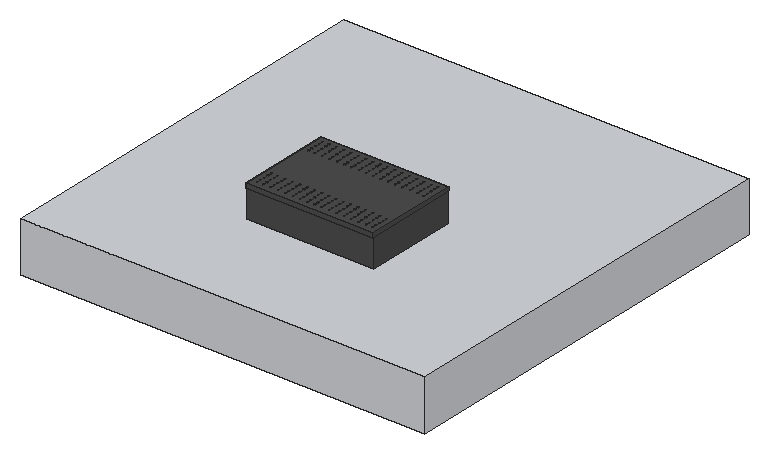
Revit family "BB-100.BIM", category Fire Alarm Devices, host Face, Revit 2020
Family settings
  Host = Face
  Maintain Annotation Orientation = Yes
  Round Connector Dimension = Use Diameter
  Part Type = Normal
  OmniClass Number = 23.85.30.21.11
  OmniClass Title = Fire Detection, Monitoring and Alarm
  Cut with Voids When Loaded = No
  Shared = Yes
  Room Calculation Point = No
Parameters (values of type "BB Series 100 Black")
  Width = 1' - 10 1/2"
  URL = "www.notifier.com"
  Type Comments = ""
  SPARE = ""
  Model = "BB-100"
  Manufacturer = "Notifier"
  Length = 2' - 6.34"
  Height = 0' - 0"
  Haz = ""
  Electrical Connector 1 = "Power Only"  # constant formula
  Cabinet Finish = Metal_Notifier_Cabinet-Black
  Description = "Battery Box-Black"
  Default Elevation = 5' - 6"
  Assembly Code = "D5030700"
Reference planes (in)
  plane 1 "Center (Front/Back)": y = 0
  plane 2: z = 0
  plane 3 "Center (Left/Right)": x = 0
Forms (in)
  Extrusion 1, solid
    sketch origin (0, 0, 0) x (1, 0, 0) y (0, 1, 0)
      loop
        line (-48, 48) -> (-48, -48) -> (48, -48) -> (48, 48) -> (-48, 48)
    from 0 to -12
  Extrusion 2, solid, material "Metal_Notifier_Cabinet-Black" <- "Cabinet Finish"
    sketch origin (-3.37933, -29.2847, 0) x (1, 0, 0) y (0, 1, 0)
      loop
        line (-11.62067, 29.2847) -> (-11.62067, 7.2847) -> (18.37933, 7.2847) -> (18.37933, 29.2847) -> (-11.62067, 29.2847)
      loop
        line (18.31683, 7.3472) -> (18.31683, 29.2222) -> (-11.55817, 29.2222) -> (-11.55817, 7.3472) -> (18.31683, 7.3472)
    from 0 to 7.50791
  Extrusion 3, solid, material "Metal_Notifier_Cabinet-Black" <- "Cabinet Finish"
    sketch origin (-3.37933, -29.2847, 0) x (1, 0, 0) y (0, 1, 0)
      loop
        line (-11.62067, 29.2847) -> (-11.62067, 7.2847) -> (18.37933, 7.2847) -> (18.37933, 29.2847) -> (-11.62067, 29.2847)
    from 0 to 0.0625
  Extrusion 4, solid, material "Metal_Notifier_Cabinet-Black" <- "Cabinet Finish"
    sketch origin (-3.37933, -29.2847, 0) x (1, 0, 0) y (0, 1, 0)
      loop
        line (-11.79067, 29.5347) -> (-11.79067, 7.0347) -> (18.54933, 7.0347) -> (18.54933, 29.5347) -> (-11.79067, 29.5347)
      loop
        line (18.48683, 7.0972) -> (18.48683, 29.4722) -> (-11.72817, 29.4722) -> (-11.72817, 7.0972) -> (18.48683, 7.0972)
    from 6.78107 to 7.77256
  Extrusion 5, solid, material "Metal_Notifier_Cabinet-Black" <- "Cabinet Finish"
    sketch origin (-3.37933, -29.2847, 0) x (1, 0, 0) y (0, 1, 0)
      loop
        line (-11.79067, 29.5347) -> (-11.79067, 7.0347) -> (18.54933, 7.0347) -> (18.54933, 29.5347) -> (-11.79067, 29.5347)
    from 7.71118 to 7.77256
  Extrusion 6, void
    sketch origin (-3.37933, -29.2847, 0) x (1, 0, 0) y (0, 1, 0)
      loop
        circle (-10.29324, 28.03921) r 0.14509
    from 7 to 8
  Extrusion 7, void
    sketch origin (-3.37933, -33.37521, 0) x (1, 0, 0) y (0, 1, 0)
      loop
        circle (-10.29324, 28.03921) r 0.14509
    from 7 to 8
  Extrusion 8, void
    sketch origin (-3.37933, -31.33322, 0) x (1, 0, 0) y (0, 1, 0)
      loop
        circle (-10.29324, 28.03921) r 0.14509
    from 7 to 8
  Extrusion 9, void
    sketch origin (-3.37933, -30.25505, 0) x (1, 0, 0) y (0, 1, 0)
      loop
        circle (-10.29324, 28.03921) r 0.14509
    from 7 to 8
  Extrusion 10, void
    sketch origin (-3.37933, -32.46278, 0) x (1, 0, 0) y (0, 1, 0)
      loop
        circle (-10.29324, 28.03921) r 0.14509
    from 7 to 8
  Extrusion 11, void
    sketch origin (24.00164, -29.2847, 0) x (1, 0, 0) y (0, 1, 0)
      loop
        circle (-10.29324, 28.03921) r 0.14509
    from 7 to 8
  Extrusion 12, void
    sketch origin (24.00164, -33.37521, 0) x (1, 0, 0) y (0, 1, 0)
      loop
        circle (-10.29324, 28.03921) r 0.14509
    from 7 to 8
  Extrusion 13, void
    sketch origin (24.00164, -31.33322, 0) x (1, 0, 0) y (0, 1, 0)
      loop
        circle (-10.29324, 28.03921) r 0.14509
    from 7 to 8
  Extrusion 14, void
    sketch origin (24.00164, -30.25505, 0) x (1, 0, 0) y (0, 1, 0)
      loop
        circle (-10.29324, 28.03921) r 0.14509
    from 7 to 8
  Extrusion 15, void
    sketch origin (24.00164, -32.46278, 0) x (1, 0, 0) y (0, 1, 0)
      loop
        circle (-10.29324, 28.03921) r 0.14509
    from 7 to 8
  Extrusion 16, void
    sketch origin (10.27706, -29.2847, 0) x (1, 0, 0) y (0, 1, 0)
      loop
        circle (-10.29324, 28.03921) r 0.14509
    from 7 to 8
  Extrusion 17, void
    sketch origin (10.27706, -33.37521, 0) x (1, 0, 0) y (0, 1, 0)
      loop
        circle (-10.29324, 28.03921) r 0.14509
    from 7 to 8
  Extrusion 18, void
    sketch origin (10.27706, -31.33322, 0) x (1, 0, 0) y (0, 1, 0)
      loop
        circle (-10.29324, 28.03921) r 0.14509
    from 7 to 8
  Extrusion 19, void
    sketch origin (10.27706, -30.25505, 0) x (1, 0, 0) y (0, 1, 0)
      loop
        circle (-10.29324, 28.03921) r 0.14509
    from 7 to 8
  Extrusion 20, void
    sketch origin (10.27706, -32.46278, 0) x (1, 0, 0) y (0, 1, 0)
      loop
        circle (-10.29324, 28.03921) r 0.14509
    from 7 to 8
  Extrusion 21, void
    sketch origin (3.37067, -29.2847, 0) x (1, 0, 0) y (0, 1, 0)
      loop
        circle (-10.29324, 28.03921) r 0.14509
    from 7 to 8
  Extrusion 22, void
    sketch origin (3.37067, -33.37521, 0) x (1, 0, 0) y (0, 1, 0)
      loop
        circle (-10.29324, 28.03921) r 0.14509
    from 7 to 8
  Extrusion 23, void
    sketch origin (3.37067, -31.33322, 0) x (1, 0, 0) y (0, 1, 0)
      loop
        circle (-10.29324, 28.03921) r 0.14509
    from 7 to 8
  Extrusion 24, void
    sketch origin (3.37067, -30.25505, 0) x (1, 0, 0) y (0, 1, 0)
      loop
        circle (-10.29324, 28.03921) r 0.14509
    from 7 to 8
  Extrusion 25, void
    sketch origin (3.37067, -32.46278, 0) x (1, 0, 0) y (0, 1, 0)
      loop
        circle (-10.29324, 28.03921) r 0.14509
    from 7 to 8
  Extrusion 26, void
    sketch origin (6.87067, -29.2847, 0) x (1, 0, 0) y (0, 1, 0)
      loop
        circle (-10.29324, 28.03921) r 0.14509
    from 7 to 8
  Extrusion 27, void
    sketch origin (6.87067, -33.37521, 0) x (1, 0, 0) y (0, 1, 0)
      loop
        circle (-10.29324, 28.03921) r 0.14509
    from 7 to 8
  Extrusion 28, void
    sketch origin (6.87067, -31.33322, 0) x (1, 0, 0) y (0, 1, 0)
      loop
        circle (-10.29324, 28.03921) r 0.14509
    from 7 to 8
  Extrusion 29, void
    sketch origin (6.87067, -30.25505, 0) x (1, 0, 0) y (0, 1, 0)
      loop
        circle (-10.29324, 28.03921) r 0.14509
    from 7 to 8
  Extrusion 30, void
    sketch origin (6.87067, -32.46278, 0) x (1, 0, 0) y (0, 1, 0)
      loop
        circle (-10.29324, 28.03921) r 0.14509
    from 7 to 8
  Extrusion 31, void
    sketch origin (-0.12933, -29.2847, 0) x (1, 0, 0) y (0, 1, 0)
      loop
        circle (-10.29324, 28.03921) r 0.14509
    from 7 to 8
  Extrusion 32, void
    sketch origin (-0.12933, -33.37521, 0) x (1, 0, 0) y (0, 1, 0)
      loop
        circle (-10.29324, 28.03921) r 0.14509
    from 7 to 8
  Extrusion 33, void
    sketch origin (-0.12933, -31.33322, 0) x (1, 0, 0) y (0, 1, 0)
      loop
        circle (-10.29324, 28.03921) r 0.14509
    from 7 to 8
  Extrusion 34, void
    sketch origin (-0.12933, -30.25505, 0) x (1, 0, 0) y (0, 1, 0)
      loop
        circle (-10.29324, 28.03921) r 0.14509
    from 7 to 8
  Extrusion 35, void
    sketch origin (-0.12933, -32.46278, 0) x (1, 0, 0) y (0, 1, 0)
      loop
        circle (-10.29324, 28.03921) r 0.14509
    from 7 to 8
  Extrusion 36, void
    sketch origin (8.62067, -29.2847, 0) x (1, 0, 0) y (0, 1, 0)
      loop
        circle (-10.29324, 28.03921) r 0.14509
    from 7 to 8
  Extrusion 37, void
    sketch origin (8.62067, -33.37521, 0) x (1, 0, 0) y (0, 1, 0)
      loop
        circle (-10.29324, 28.03921) r 0.14509
    from 7 to 8
  Extrusion 38, void
    sketch origin (8.62067, -31.33322, 0) x (1, 0, 0) y (0, 1, 0)
      loop
        circle (-10.29324, 28.03921) r 0.14509
    from 7 to 8
  Extrusion 39, void
    sketch origin (8.62067, -30.25505, 0) x (1, 0, 0) y (0, 1, 0)
      loop
        circle (-10.29324, 28.03921) r 0.14509
    from 7 to 8
  Extrusion 40, void
    sketch origin (8.62067, -32.46278, 0) x (1, 0, 0) y (0, 1, 0)
      loop
        circle (-10.29324, 28.03921) r 0.14509
    from 7 to 8
  Extrusion 41, void
    sketch origin (5.12067, -29.2847, 0) x (1, 0, 0) y (0, 1, 0)
      loop
        circle (-10.29324, 28.03921) r 0.14509
    from 7 to 8
  Extrusion 42, void
    sketch origin (5.12067, -33.37521, 0) x (1, 0, 0) y (0, 1, 0)
      loop
        circle (-10.29324, 28.03921) r 0.14509
    from 7 to 8
  Extrusion 43, void
    sketch origin (5.12067, -31.33322, 0) x (1, 0, 0) y (0, 1, 0)
      loop
        circle (-10.29324, 28.03921) r 0.14509
    from 7 to 8
  Extrusion 44, void
    sketch origin (5.12067, -30.25505, 0) x (1, 0, 0) y (0, 1, 0)
      loop
        circle (-10.29324, 28.03921) r 0.14509
    from 7 to 8
  Extrusion 45, void
    sketch origin (5.12067, -32.46278, 0) x (1, 0, 0) y (0, 1, 0)
      loop
        circle (-10.29324, 28.03921) r 0.14509
    from 7 to 8
  Extrusion 46, void
    sketch origin (1.62067, -29.2847, 0) x (1, 0, 0) y (0, 1, 0)
      loop
        circle (-10.29324, 28.03921) r 0.14509
    from 7 to 8
  Extrusion 47, void
    sketch origin (1.62067, -33.37521, 0) x (1, 0, 0) y (0, 1, 0)
      loop
        circle (-10.29324, 28.03921) r 0.14509
    from 7 to 8
  Extrusion 48, void
    sketch origin (1.62067, -31.33322, 0) x (1, 0, 0) y (0, 1, 0)
      loop
        circle (-10.29324, 28.03921) r 0.14509
    from 7 to 8
  Extrusion 49, void
    sketch origin (1.62067, -30.25505, 0) x (1, 0, 0) y (0, 1, 0)
      loop
        circle (-10.29324, 28.03921) r 0.14509
    from 7 to 8
  Extrusion 50, void
    sketch origin (1.62067, -32.46278, 0) x (1, 0, 0) y (0, 1, 0)
      loop
        circle (-10.29324, 28.03921) r 0.14509
    from 7 to 8
  Extrusion 51, void
    sketch origin (-1.87933, -29.2847, 0) x (1, 0, 0) y (0, 1, 0)
      loop
        circle (-10.29324, 28.03921) r 0.14509
    from 7 to 8
  Extrusion 52, void
    sketch origin (-1.87933, -33.37521, 0) x (1, 0, 0) y (0, 1, 0)
      loop
        circle (-10.29324, 28.03921) r 0.14509
    from 7 to 8
  Extrusion 53, void
    sketch origin (-1.87933, -31.33322, 0) x (1, 0, 0) y (0, 1, 0)
      loop
        circle (-10.29324, 28.03921) r 0.14509
    from 7 to 8
  Extrusion 54, void
    sketch origin (-1.87933, -30.25505, 0) x (1, 0, 0) y (0, 1, 0)
      loop
        circle (-10.29324, 28.03921) r 0.14509
    from 7 to 8
  Extrusion 55, void
    sketch origin (-1.87933, -32.46278, 0) x (1, 0, 0) y (0, 1, 0)
      loop
        circle (-10.29324, 28.03921) r 0.14509
    from 7 to 8
  Extrusion 56, void
    sketch origin (-3.37067, -29.2847, 0) x (-1, 0, 0) y (0, -1, 0)
      loop
        circle (-10.29324, -28.03921) r 0.14509
    from 7 to 8
  Extrusion 57, void
    sketch origin (-3.37067, -33.37521, 0) x (-1, 0, 0) y (0, -1, 0)
      loop
        circle (-10.29324, -28.03921) r 0.14509
    from 7 to 8
  Extrusion 58, void
    sketch origin (-3.37067, -31.33322, 0) x (-1, 0, 0) y (0, -1, 0)
      loop
        circle (-10.29324, -28.03921) r 0.14509
    from 7 to 8
  Extrusion 59, void
    sketch origin (-3.37067, -30.25505, 0) x (-1, 0, 0) y (0, -1, 0)
      loop
        circle (-10.29324, -28.03921) r 0.14509
    from 7 to 8
  Extrusion 60, void
    sketch origin (-3.37067, -32.46278, 0) x (-1, 0, 0) y (0, -1, 0)
      loop
        circle (-10.29324, -28.03921) r 0.14509
    from 7 to 8
  Extrusion 61, void
    sketch origin (-6.87067, -29.2847, 0) x (-1, 0, 0) y (0, -1, 0)
      loop
        circle (-10.29324, -28.03921) r 0.14509
    from 7 to 8
  Extrusion 62, void
    sketch origin (-6.87067, -33.37521, 0) x (-1, 0, 0) y (0, -1, 0)
      loop
        circle (-10.29324, -28.03921) r 0.14509
    from 7 to 8
  Extrusion 63, void
    sketch origin (-6.87067, -31.33322, 0) x (-1, 0, 0) y (0, -1, 0)
      loop
        circle (-10.29324, -28.03921) r 0.14509
    from 7 to 8
  Extrusion 64, void
    sketch origin (-6.87067, -30.25505, 0) x (-1, 0, 0) y (0, -1, 0)
      loop
        circle (-10.29324, -28.03921) r 0.14509
    from 7 to 8
  Extrusion 65, void
    sketch origin (-6.87067, -32.46278, 0) x (-1, 0, 0) y (0, -1, 0)
      loop
        circle (-10.29324, -28.03921) r 0.14509
    from 7 to 8
  Extrusion 66, void
    sketch origin (0.12933, -29.2847, 0) x (-1, 0, 0) y (0, -1, 0)
      loop
        circle (-10.29324, -28.03921) r 0.14509
    from 7 to 8
  Extrusion 67, void
    sketch origin (0.12933, -33.37521, 0) x (-1, 0, 0) y (0, -1, 0)
      loop
        circle (-10.29324, -28.03921) r 0.14509
    from 7 to 8
  Extrusion 68, void
    sketch origin (0.12933, -31.33322, 0) x (-1, 0, 0) y (0, -1, 0)
      loop
        circle (-10.29324, -28.03921) r 0.14509
    from 7 to 8
  Extrusion 69, void
    sketch origin (0.12933, -30.25505, 0) x (-1, 0, 0) y (0, -1, 0)
      loop
        circle (-10.29324, -28.03921) r 0.14509
    from 7 to 8
  Extrusion 70, void
    sketch origin (0.12933, -32.46278, 0) x (-1, 0, 0) y (0, -1, 0)
      loop
        circle (-10.29324, -28.03921) r 0.14509
    from 7 to 8
  Extrusion 71, void
    sketch origin (-8.62067, -29.2847, 0) x (-1, 0, 0) y (0, -1, 0)
      loop
        circle (-10.29324, -28.03921) r 0.14509
    from 7 to 8
  Extrusion 72, void
    sketch origin (-8.62067, -33.37521, 0) x (-1, 0, 0) y (0, -1, 0)
      loop
        circle (-10.29324, -28.03921) r 0.14509
    from 7 to 8
  Extrusion 73, void
    sketch origin (-8.62067, -31.33322, 0) x (-1, 0, 0) y (0, -1, 0)
      loop
        circle (-10.29324, -28.03921) r 0.14509
    from 7 to 8
  Extrusion 74, void
    sketch origin (-8.62067, -30.25505, 0) x (-1, 0, 0) y (0, -1, 0)
      loop
        circle (-10.29324, -28.03921) r 0.14509
    from 7 to 8
  Extrusion 75, void
    sketch origin (-8.62067, -32.46278, 0) x (-1, 0, 0) y (0, -1, 0)
      loop
        circle (-10.29324, -28.03921) r 0.14509
    from 7 to 8
  Extrusion 76, void
    sketch origin (-5.12067, -29.2847, 0) x (-1, 0, 0) y (0, -1, 0)
      loop
        circle (-10.29324, -28.03921) r 0.14509
    from 7 to 8
  Extrusion 77, void
    sketch origin (-5.12067, -33.37521, 0) x (-1, 0, 0) y (0, -1, 0)
      loop
        circle (-10.29324, -28.03921) r 0.14509
    from 7 to 8
  Extrusion 78, void
    sketch origin (-5.12067, -31.33322, 0) x (-1, 0, 0) y (0, -1, 0)
      loop
        circle (-10.29324, -28.03921) r 0.14509
    from 7 to 8
  Extrusion 79, void
    sketch origin (-5.12067, -30.25505, 0) x (-1, 0, 0) y (0, -1, 0)
      loop
        circle (-10.29324, -28.03921) r 0.14509
    from 7 to 8
  Extrusion 80, void
    sketch origin (-5.12067, -32.46278, 0) x (-1, 0, 0) y (0, -1, 0)
      loop
        circle (-10.29324, -28.03921) r 0.14509
    from 7 to 8
  Extrusion 81, void
    sketch origin (-1.62067, -29.2847, 0) x (-1, 0, 0) y (0, -1, 0)
      loop
        circle (-10.29324, -28.03921) r 0.14509
    from 7 to 8
  Extrusion 82, void
    sketch origin (-1.62067, -33.37521, 0) x (-1, 0, 0) y (0, -1, 0)
      loop
        circle (-10.29324, -28.03921) r 0.14509
    from 7 to 8
  Extrusion 83, void
    sketch origin (-1.62067, -31.33322, 0) x (-1, 0, 0) y (0, -1, 0)
      loop
        circle (-10.29324, -28.03921) r 0.14509
    from 7 to 8
  Extrusion 84, void
    sketch origin (-1.62067, -30.25505, 0) x (-1, 0, 0) y (0, -1, 0)
      loop
        circle (-10.29324, -28.03921) r 0.14509
    from 7 to 8
  Extrusion 85, void
    sketch origin (-1.62067, -32.46278, 0) x (-1, 0, 0) y (0, -1, 0)
      loop
        circle (-10.29324, -28.03921) r 0.14509
    from 7 to 8
  Extrusion 86, void
    sketch origin (1.87933, -29.2847, 0) x (-1, 0, 0) y (0, -1, 0)
      loop
        circle (-10.29324, -28.03921) r 0.14509
    from 7 to 8
  Extrusion 87, void
    sketch origin (1.87933, -33.37521, 0) x (-1, 0, 0) y (0, -1, 0)
      loop
        circle (-10.29324, -28.03921) r 0.14509
    from 7 to 8
  Extrusion 88, void
    sketch origin (1.87933, -31.33322, 0) x (-1, 0, 0) y (0, -1, 0)
      loop
        circle (-10.29324, -28.03921) r 0.14509
    from 7 to 8
  Extrusion 89, void
    sketch origin (1.87933, -30.25505, 0) x (-1, 0, 0) y (0, -1, 0)
      loop
        circle (-10.29324, -28.03921) r 0.14509
    from 7 to 8
  Extrusion 90, void
    sketch origin (1.87933, -32.46278, 0) x (-1, 0, 0) y (0, -1, 0)
      loop
        circle (-10.29324, -28.03921) r 0.14509
    from 7 to 8
  Extrusion 91, void
    sketch origin (-3.37933, -44.5347, 0) x (1, 0, 0) y (0, 1, 0)
      loop
        circle (-10.29324, 28.03921) r 0.14509
    from 7 to 8
  Extrusion 92, void
    sketch origin (-3.37933, -48.62521, 0) x (1, 0, 0) y (0, 1, 0)
      loop
        circle (-10.29324, 28.03921) r 0.14509
    from 7 to 8
  Extrusion 93, void
    sketch origin (-3.37933, -46.58322, 0) x (1, 0, 0) y (0, 1, 0)
      loop
        circle (-10.29324, 28.03921) r 0.14509
    from 7 to 8
  Extrusion 94, void
    sketch origin (-3.37933, -45.50505, 0) x (1, 0, 0) y (0, 1, 0)
      loop
        circle (-10.29324, 28.03921) r 0.14509
    from 7 to 8
  Extrusion 95, void
    sketch origin (-3.37933, -47.71278, 0) x (1, 0, 0) y (0, 1, 0)
      loop
        circle (-10.29324, 28.03921) r 0.14509
    from 7 to 8
  Extrusion 96, void
    sketch origin (24.00164, -44.5347, 0) x (1, 0, 0) y (0, 1, 0)
      loop
        circle (-10.29324, 28.03921) r 0.14509
    from 7 to 8
  Extrusion 97, void
    sketch origin (24.00164, -48.62521, 0) x (1, 0, 0) y (0, 1, 0)
      loop
        circle (-10.29324, 28.03921) r 0.14509
    from 7 to 8
  Extrusion 98, void
    sketch origin (24.00164, -46.58322, 0) x (1, 0, 0) y (0, 1, 0)
      loop
        circle (-10.29324, 28.03921) r 0.14509
    from 7 to 8
  Extrusion 99, void
    sketch origin (24.00164, -45.50505, 0) x (1, 0, 0) y (0, 1, 0)
      loop
        circle (-10.29324, 28.03921) r 0.14509
    from 7 to 8
  Extrusion 100, void
    sketch origin (24.00164, -47.71278, 0) x (1, 0, 0) y (0, 1, 0)
      loop
        circle (-10.29324, 28.03921) r 0.14509
    from 7 to 8
  Extrusion 101, void
    sketch origin (10.27706, -44.5347, 0) x (1, 0, 0) y (0, 1, 0)
      loop
        circle (-10.29324, 28.03921) r 0.14509
    from 7 to 8
  Extrusion 102, void
    sketch origin (10.27706, -48.62521, 0) x (1, 0, 0) y (0, 1, 0)
      loop
        circle (-10.29324, 28.03921) r 0.14509
    from 7 to 8
  Extrusion 103, void
    sketch origin (10.27706, -46.58322, 0) x (1, 0, 0) y (0, 1, 0)
      loop
        circle (-10.29324, 28.03921) r 0.14509
    from 7 to 8
  Extrusion 104, void
    sketch origin (10.27706, -45.50505, 0) x (1, 0, 0) y (0, 1, 0)
      loop
        circle (-10.29324, 28.03921) r 0.14509
    from 7 to 8
  Extrusion 105, void
    sketch origin (10.27706, -47.71278, 0) x (1, 0, 0) y (0, 1, 0)
      loop
        circle (-10.29324, 28.03921) r 0.14509
    from 7 to 8
  Extrusion 106, void
    sketch origin (3.37067, -44.5347, 0) x (1, 0, 0) y (0, 1, 0)
      loop
        circle (-10.29324, 28.03921) r 0.14509
    from 7 to 8
  Extrusion 107, void
    sketch origin (3.37067, -48.62521, 0) x (1, 0, 0) y (0, 1, 0)
      loop
        circle (-10.29324, 28.03921) r 0.14509
    from 7 to 8
  Extrusion 108, void
    sketch origin (3.37067, -46.58322, 0) x (1, 0, 0) y (0, 1, 0)
      loop
        circle (-10.29324, 28.03921) r 0.14509
    from 7 to 8
  Extrusion 109, void
    sketch origin (3.37067, -45.50505, 0) x (1, 0, 0) y (0, 1, 0)
      loop
        circle (-10.29324, 28.03921) r 0.14509
    from 7 to 8
  Extrusion 110, void
    sketch origin (3.37067, -47.71278, 0) x (1, 0, 0) y (0, 1, 0)
      loop
        circle (-10.29324, 28.03921) r 0.14509
    from 7 to 8
  Extrusion 111, void
    sketch origin (6.87067, -44.5347, 0) x (1, 0, 0) y (0, 1, 0)
      loop
        circle (-10.29324, 28.03921) r 0.14509
    from 7 to 8
  Extrusion 112, void
    sketch origin (6.87067, -48.62521, 0) x (1, 0, 0) y (0, 1, 0)
      loop
        circle (-10.29324, 28.03921) r 0.14509
    from 7 to 8
  Extrusion 113, void
    sketch origin (6.87067, -46.58322, 0) x (1, 0, 0) y (0, 1, 0)
      loop
        circle (-10.29324, 28.03921) r 0.14509
    from 7 to 8
  Extrusion 114, void
    sketch origin (6.87067, -45.50505, 0) x (1, 0, 0) y (0, 1, 0)
      loop
        circle (-10.29324, 28.03921) r 0.14509
    from 7 to 8
  Extrusion 115, void
    sketch origin (6.87067, -47.71278, 0) x (1, 0, 0) y (0, 1, 0)
      loop
        circle (-10.29324, 28.03921) r 0.14509
    from 7 to 8
  Extrusion 116, void
    sketch origin (-0.12933, -44.5347, 0) x (1, 0, 0) y (0, 1, 0)
      loop
        circle (-10.29324, 28.03921) r 0.14509
    from 7 to 8
  Extrusion 117, void
    sketch origin (-0.12933, -48.62521, 0) x (1, 0, 0) y (0, 1, 0)
      loop
        circle (-10.29324, 28.03921) r 0.14509
    from 7 to 8
  Extrusion 118, void
    sketch origin (-0.12933, -46.58322, 0) x (1, 0, 0) y (0, 1, 0)
      loop
        circle (-10.29324, 28.03921) r 0.14509
    from 7 to 8
  Extrusion 119, void
    sketch origin (-0.12933, -45.50505, 0) x (1, 0, 0) y (0, 1, 0)
      loop
        circle (-10.29324, 28.03921) r 0.14509
    from 7 to 8
  Extrusion 120, void
    sketch origin (-0.12933, -47.71278, 0) x (1, 0, 0) y (0, 1, 0)
      loop
        circle (-10.29324, 28.03921) r 0.14509
    from 7 to 8
  Extrusion 121, void
    sketch origin (8.62067, -44.5347, 0) x (1, 0, 0) y (0, 1, 0)
      loop
        circle (-10.29324, 28.03921) r 0.14509
    from 7 to 8
  Extrusion 122, void
    sketch origin (8.62067, -48.62521, 0) x (1, 0, 0) y (0, 1, 0)
      loop
        circle (-10.29324, 28.03921) r 0.14509
    from 7 to 8
  Extrusion 123, void
    sketch origin (8.62067, -46.58322, 0) x (1, 0, 0) y (0, 1, 0)
      loop
        circle (-10.29324, 28.03921) r 0.14509
    from 7 to 8
  Extrusion 124, void
    sketch origin (8.62067, -45.50505, 0) x (1, 0, 0) y (0, 1, 0)
      loop
        circle (-10.29324, 28.03921) r 0.14509
    from 7 to 8
  Extrusion 125, void
    sketch origin (8.62067, -47.71278, 0) x (1, 0, 0) y (0, 1, 0)
      loop
        circle (-10.29324, 28.03921) r 0.14509
    from 7 to 8
  Extrusion 126, void
    sketch origin (5.12067, -44.5347, 0) x (1, 0, 0) y (0, 1, 0)
      loop
        circle (-10.29324, 28.03921) r 0.14509
    from 7 to 8
  Extrusion 127, void
    sketch origin (5.12067, -48.62521, 0) x (1, 0, 0) y (0, 1, 0)
      loop
        circle (-10.29324, 28.03921) r 0.14509
    from 7 to 8
  Extrusion 128, void
    sketch origin (5.12067, -46.58322, 0) x (1, 0, 0) y (0, 1, 0)
      loop
        circle (-10.29324, 28.03921) r 0.14509
    from 7 to 8
  Extrusion 129, void
    sketch origin (5.12067, -45.50505, 0) x (1, 0, 0) y (0, 1, 0)
      loop
        circle (-10.29324, 28.03921) r 0.14509
    from 7 to 8
  Extrusion 130, void
    sketch origin (5.12067, -47.71278, 0) x (1, 0, 0) y (0, 1, 0)
      loop
        circle (-10.29324, 28.03921) r 0.14509
    from 7 to 8
  Extrusion 131, void
    sketch origin (1.62067, -44.5347, 0) x (1, 0, 0) y (0, 1, 0)
      loop
        circle (-10.29324, 28.03921) r 0.14509
    from 7 to 8
  Extrusion 132, void
    sketch origin (1.62067, -48.62521, 0) x (1, 0, 0) y (0, 1, 0)
      loop
        circle (-10.29324, 28.03921) r 0.14509
    from 7 to 8
  Extrusion 133, void
    sketch origin (1.62067, -46.58322, 0) x (1, 0, 0) y (0, 1, 0)
      loop
        circle (-10.29324, 28.03921) r 0.14509
    from 7 to 8
  Extrusion 134, void
    sketch origin (1.62067, -45.50505, 0) x (1, 0, 0) y (0, 1, 0)
      loop
        circle (-10.29324, 28.03921) r 0.14509
    from 7 to 8
  Extrusion 135, void
    sketch origin (1.62067, -47.71278, 0) x (1, 0, 0) y (0, 1, 0)
      loop
        circle (-10.29324, 28.03921) r 0.14509
    from 7 to 8
  Extrusion 136, void
    sketch origin (-1.87933, -44.5347, 0) x (1, 0, 0) y (0, 1, 0)
      loop
        circle (-10.29324, 28.03921) r 0.14509
    from 7 to 8
  Extrusion 137, void
    sketch origin (-1.87933, -48.62521, 0) x (1, 0, 0) y (0, 1, 0)
      loop
        circle (-10.29324, 28.03921) r 0.14509
    from 7 to 8
  Extrusion 138, void
    sketch origin (-1.87933, -46.58322, 0) x (1, 0, 0) y (0, 1, 0)
      loop
        circle (-10.29324, 28.03921) r 0.14509
    from 7 to 8
  Extrusion 139, void
    sketch origin (-1.87933, -45.50505, 0) x (1, 0, 0) y (0, 1, 0)
      loop
        circle (-10.29324, 28.03921) r 0.14509
    from 7 to 8
  Extrusion 140, void
    sketch origin (-1.87933, -47.71278, 0) x (1, 0, 0) y (0, 1, 0)
      loop
        circle (-10.29324, 28.03921) r 0.14509
    from 7 to 8
  Extrusion 141, void
    sketch origin (-3.37067, -44.5347, 0) x (-1, 0, 0) y (0, -1, 0)
      loop
        circle (-10.29324, -28.03921) r 0.14509
    from 7 to 8
  Extrusion 142, void
    sketch origin (-3.37067, -48.62521, 0) x (-1, 0, 0) y (0, -1, 0)
      loop
        circle (-10.29324, -28.03921) r 0.14509
    from 7 to 8
  Extrusion 143, void
    sketch origin (-3.37067, -46.58322, 0) x (-1, 0, 0) y (0, -1, 0)
      loop
        circle (-10.29324, -28.03921) r 0.14509
    from 7 to 8
  Extrusion 144, void
    sketch origin (-3.37067, -45.50505, 0) x (-1, 0, 0) y (0, -1, 0)
      loop
        circle (-10.29324, -28.03921) r 0.14509
    from 7 to 8
  Extrusion 145, void
    sketch origin (-3.37067, -47.71278, 0) x (-1, 0, 0) y (0, -1, 0)
      loop
        circle (-10.29324, -28.03921) r 0.14509
    from 7 to 8
  Extrusion 146, void
    sketch origin (-6.87067, -44.5347, 0) x (-1, 0, 0) y (0, -1, 0)
      loop
        circle (-10.29324, -28.03921) r 0.14509
    from 7 to 8
  Extrusion 147, void
    sketch origin (-6.87067, -48.62521, 0) x (-1, 0, 0) y (0, -1, 0)
      loop
        circle (-10.29324, -28.03921) r 0.14509
    from 7 to 8
  Extrusion 148, void
    sketch origin (-6.87067, -46.58322, 0) x (-1, 0, 0) y (0, -1, 0)
      loop
        circle (-10.29324, -28.03921) r 0.14509
    from 7 to 8
  Extrusion 149, void
    sketch origin (-6.87067, -45.50505, 0) x (-1, 0, 0) y (0, -1, 0)
      loop
        circle (-10.29324, -28.03921) r 0.14509
    from 7 to 8
  Extrusion 150, void
    sketch origin (-6.87067, -47.71278, 0) x (-1, 0, 0) y (0, -1, 0)
      loop
        circle (-10.29324, -28.03921) r 0.14509
    from 7 to 8
  Extrusion 151, void
    sketch origin (0.12933, -44.5347, 0) x (-1, 0, 0) y (0, -1, 0)
      loop
        circle (-10.29324, -28.03921) r 0.14509
    from 7 to 8
  Extrusion 152, void
    sketch origin (0.12933, -48.62521, 0) x (-1, 0, 0) y (0, -1, 0)
      loop
        circle (-10.29324, -28.03921) r 0.14509
    from 7 to 8
  Extrusion 153, void
    sketch origin (0.12933, -46.58322, 0) x (-1, 0, 0) y (0, -1, 0)
      loop
        circle (-10.29324, -28.03921) r 0.14509
    from 7 to 8
  Extrusion 154, void
    sketch origin (0.12933, -45.50505, 0) x (-1, 0, 0) y (0, -1, 0)
      loop
        circle (-10.29324, -28.03921) r 0.14509
    from 7 to 8
  Extrusion 155, void
    sketch origin (0.12933, -47.71278, 0) x (-1, 0, 0) y (0, -1, 0)
      loop
        circle (-10.29324, -28.03921) r 0.14509
    from 7 to 8
  Extrusion 156, void
    sketch origin (-8.62067, -44.5347, 0) x (-1, 0, 0) y (0, -1, 0)
      loop
        circle (-10.29324, -28.03921) r 0.14509
    from 7 to 8
  Extrusion 157, void
    sketch origin (-8.62067, -48.62521, 0) x (-1, 0, 0) y (0, -1, 0)
      loop
        circle (-10.29324, -28.03921) r 0.14509
    from 7 to 8
  Extrusion 158, void
    sketch origin (-8.62067, -46.58322, 0) x (-1, 0, 0) y (0, -1, 0)
      loop
        circle (-10.29324, -28.03921) r 0.14509
    from 7 to 8
  Extrusion 159, void
    sketch origin (-8.62067, -45.50505, 0) x (-1, 0, 0) y (0, -1, 0)
      loop
        circle (-10.29324, -28.03921) r 0.14509
    from 7 to 8
  Extrusion 160, void
    sketch origin (-8.62067, -47.71278, 0) x (-1, 0, 0) y (0, -1, 0)
      loop
        circle (-10.29324, -28.03921) r 0.14509
    from 7 to 8
  Extrusion 161, void
    sketch origin (-5.12067, -44.5347, 0) x (-1, 0, 0) y (0, -1, 0)
      loop
        circle (-10.29324, -28.03921) r 0.14509
    from 7 to 8
  Extrusion 162, void
    sketch origin (-5.12067, -48.62521, 0) x (-1, 0, 0) y (0, -1, 0)
      loop
        circle (-10.29324, -28.03921) r 0.14509
    from 7 to 8
  Extrusion 163, void
    sketch origin (-5.12067, -46.58322, 0) x (-1, 0, 0) y (0, -1, 0)
      loop
        circle (-10.29324, -28.03921) r 0.14509
    from 7 to 8
  Extrusion 164, void
    sketch origin (-5.12067, -45.50505, 0) x (-1, 0, 0) y (0, -1, 0)
      loop
        circle (-10.29324, -28.03921) r 0.14509
    from 7 to 8
  Extrusion 165, void
    sketch origin (-5.12067, -47.71278, 0) x (-1, 0, 0) y (0, -1, 0)
      loop
        circle (-10.29324, -28.03921) r 0.14509
    from 7 to 8
  Extrusion 166, void
    sketch origin (-1.62067, -44.5347, 0) x (-1, 0, 0) y (0, -1, 0)
      loop
        circle (-10.29324, -28.03921) r 0.14509
    from 7 to 8
  Extrusion 167, void
    sketch origin (-1.62067, -48.62521, 0) x (-1, 0, 0) y (0, -1, 0)
      loop
        circle (-10.29324, -28.03921) r 0.14509
    from 7 to 8
  Extrusion 168, void
    sketch origin (-1.62067, -46.58322, 0) x (-1, 0, 0) y (0, -1, 0)
      loop
        circle (-10.29324, -28.03921) r 0.14509
    from 7 to 8
  Extrusion 169, void
    sketch origin (-1.62067, -45.50505, 0) x (-1, 0, 0) y (0, -1, 0)
      loop
        circle (-10.29324, -28.03921) r 0.14509
    from 7 to 8
  Extrusion 170, void
    sketch origin (-1.62067, -47.71278, 0) x (-1, 0, 0) y (0, -1, 0)
      loop
        circle (-10.29324, -28.03921) r 0.14509
    from 7 to 8
  Extrusion 171, void
    sketch origin (1.87933, -44.5347, 0) x (-1, 0, 0) y (0, -1, 0)
      loop
        circle (-10.29324, -28.03921) r 0.14509
    from 7 to 8
  Extrusion 172, void
    sketch origin (1.87933, -48.62521, 0) x (-1, 0, 0) y (0, -1, 0)
      loop
        circle (-10.29324, -28.03921) r 0.14509
    from 7 to 8
  Extrusion 173, void
    sketch origin (1.87933, -46.58322, 0) x (-1, 0, 0) y (0, -1, 0)
      loop
        circle (-10.29324, -28.03921) r 0.14509
    from 7 to 8
  Extrusion 174, void
    sketch origin (1.87933, -45.50505, 0) x (-1, 0, 0) y (0, -1, 0)
      loop
        circle (-10.29324, -28.03921) r 0.14509
    from 7 to 8
  Extrusion 175, void
    sketch origin (1.87933, -47.71278, 0) x (-1, 0, 0) y (0, -1, 0)
      loop
        circle (-10.29324, -28.03921) r 0.14509
    from 7 to 8
Cuts and joins
  joined: Extrusion 2, Extrusion 3
  Extrusion 6, Extrusion 7, Extrusion 8, Extrusion 9, Extrusion 10, Extrusion 11, Extrusion 12, Extrusion 13, Extrusion 14, Extrusion 15, Extrusion 16, Extrusion 17, Extrusion 18, Extrusion 19, Extrusion 20, Extrusion 21, Extrusion 22, Extrusion 23, Extrusion 24, Extrusion 25, Extrusion 26, Extrusion 27, Extrusion 28, Extrusion 29, Extrusion 30, Extrusion 31, Extrusion 32, Extrusion 33, Extrusion 34, Extrusion 35, Extrusion 36, Extrusion 37, Extrusion 38, Extrusion 39, Extrusion 40, Extrusion 41, Extrusion 42, Extrusion 43, Extrusion 44, Extrusion 45, Extrusion 46, Extrusion 47, Extrusion 48, Extrusion 49, Extrusion 50, Extrusion 51, Extrusion 52, Extrusion 53, Extrusion 54, Extrusion 55, Extrusion 56, Extrusion 57, Extrusion 58, Extrusion 59, Extrusion 60, Extrusion 61, Extrusion 62, Extrusion 63, Extrusion 64, Extrusion 65, Extrusion 66, Extrusion 67, Extrusion 68, Extrusion 69, Extrusion 70, Extrusion 71, Extrusion 72, Extrusion 73, Extrusion 74, Extrusion 75, Extrusion 76, Extrusion 77, Extrusion 78, Extrusion 79, Extrusion 80, Extrusion 81, Extrusion 82, Extrusion 83, Extrusion 84, Extrusion 85, Extrusion 86, Extrusion 87, Extrusion 88, Extrusion 89, Extrusion 90, Extrusion 91, Extrusion 92, Extrusion 93, Extrusion 94, Extrusion 95, Extrusion 96, Extrusion 97, Extrusion 98, Extrusion 99, Extrusion 100, Extrusion 101, Extrusion 102, Extrusion 103, Extrusion 104, Extrusion 105, Extrusion 106, Extrusion 107, Extrusion 108, Extrusion 109, Extrusion 110, Extrusion 111, Extrusion 112, Extrusion 113, Extrusion 114, Extrusion 115, Extrusion 116, Extrusion 117, Extrusion 118, Extrusion 119, Extrusion 120, Extrusion 121, Extrusion 122, Extrusion 123, Extrusion 124, Extrusion 125, Extrusion 126, Extrusion 127, Extrusion 128, Extrusion 129, Extrusion 130, Extrusion 131, Extrusion 132, Extrusion 133, Extrusion 134, Extrusion 135, Extrusion 136, Extrusion 137, Extrusion 138, Extrusion 139, Extrusion 140, Extrusion 141, Extrusion 142, Extrusion 143, Extrusion 144, Extrusion 145, Extrusion 146, Extrusion 147, Extrusion 148, Extrusion 149, Extrusion 150, Extrusion 151, Extrusion 152, Extrusion 153, Extrusion 154, Extrusion 155, Extrusion 156, Extrusion 157, Extrusion 158, Extrusion 159, Extrusion 160, Extrusion 161, Extrusion 162, Extrusion 163, Extrusion 164, Extrusion 165, Extrusion 166, Extrusion 167, Extrusion 168, Extrusion 169, Extrusion 170, Extrusion 171, Extrusion 172, Extrusion 173, Extrusion 174, Extrusion 175 cuts Extrusion 5
  joined: Extrusion 4, Extrusion 5
Lines and regions (in)
  Masking region 1
    outline origin (0, 30.65057, 0) x (0, 1, 0) y (0, 0, 1)
      loop
        line (-30.65057, 0) -> (-30.65057, 6.77706) -> (-30.40057, 6.77706) -> (-30.40057, 7.77706) -> (-52.90057, 7.77706) -> (-52.90057, 6.77706) -> (-52.65057, 6.77706) -> (-52.65057, 0) -> (-30.65057, 0)
  Masking region 2
    outline origin (0, 0, 0) x (1, 0, 0) y (0, 1, 0)
      loop
        line (-15.17, 0.25) -> (-15.17, -22.25) -> (15.17, -22.25) -> (15.17, 0.25) -> (-15.17, 0.25)
  symbolic lines, style "MAT-CABINET-BLACK", detail levels fine
    curve 1: circle (-10.3892, -18.4152, 0) r 0.125 normal (0, 0, 1)
    curve 2: circle (-10.936, -18.4152, 0) r 0.125 normal (0, 0, 1)
    curve 3: circle (-11.4828, -18.4152, 0) r 0.125 normal (0, 0, 1)
    curve 4: circle (-12.0296, -18.4152, 0) r 0.125 normal (0, 0, 1)
    curve 5: circle (-12.5764, -18.4152, 0) r 0.125 normal (0, 0, 1)
    curve 6: circle (-13.1232, -18.4152, 0) r 0.125 normal (0, 0, 1)
    curve 7: circle (-13.67, -18.4152, 0) r 0.125 normal (0, 0, 1)
    curve 8: circle (-12.5764, -20.1663, 0) r 0.125 normal (0, 0, 1)
    curve 9: circle (-13.1232, -20.1663, 0) r 0.125 normal (0, 0, 1)
    curve 10: circle (-13.67, -20.1663, 0) r 0.125 normal (0, 0, 1)
    curve 11: circle (-13.67, -20.75, 0) r 0.125 normal (0, 0, 1)
    curve 12: circle (-13.1232, -20.75, 0) r 0.125 normal (0, 0, 1)
    curve 13: circle (-12.5764, -20.75, 0) r 0.125 normal (0, 0, 1)
    curve 14: circle (-13.67, -19.5826, 0) r 0.125 normal (0, 0, 1)
    curve 15: circle (-13.67, -18.9989, 0) r 0.125 normal (0, 0, 1)
    curve 16: circle (-13.1232, -19.5826, 0) r 0.125 normal (0, 0, 1)
    curve 17: circle (-12.5764, -19.5826, 0) r 0.125 normal (0, 0, 1)
    curve 18: circle (-13.1232, -18.9989, 0) r 0.125 normal (0, 0, 1)
    curve 19: circle (-12.5764, -18.9989, 0) r 0.125 normal (0, 0, 1)
    curve 20: circle (-10.3892, -20.1663, 0) r 0.125 normal (0, 0, 1)
    curve 21: circle (-10.936, -20.1663, 0) r 0.125 normal (0, 0, 1)
    curve 22: circle (-11.4828, -20.1663, 0) r 0.125 normal (0, 0, 1)
    curve 23: circle (-12.0296, -20.1663, 0) r 0.125 normal (0, 0, 1)
    curve 24: circle (-12.0296, -20.75, 0) r 0.125 normal (0, 0, 1)
    curve 25: circle (-11.4828, -20.75, 0) r 0.125 normal (0, 0, 1)
    curve 26: circle (-10.936, -20.75, 0) r 0.125 normal (0, 0, 1)
    curve 27: circle (-10.3892, -20.75, 0) r 0.125 normal (0, 0, 1)
    curve 28: circle (-12.0296, -19.5826, 0) r 0.125 normal (0, 0, 1)
    curve 29: circle (-11.4828, -19.5826, 0) r 0.125 normal (0, 0, 1)
    curve 30: circle (-12.0296, -18.9989, 0) r 0.125 normal (0, 0, 1)
    curve 31: circle (-11.4828, -18.9989, 0) r 0.125 normal (0, 0, 1)
    curve 32: circle (-10.936, -19.5826, 0) r 0.125 normal (0, 0, 1)
    curve 33: circle (-10.3892, -19.5826, 0) r 0.125 normal (0, 0, 1)
    curve 34: circle (-10.936, -18.9989, 0) r 0.125 normal (0, 0, 1)
    curve 35: circle (-10.3892, -18.9989, 0) r 0.125 normal (0, 0, 1)
    curve 36: circle (-12.5764, -16.66411, 0) r 0.125 normal (0, 0, 1)
    curve 37: circle (-13.1232, -16.66411, 0) r 0.125 normal (0, 0, 1)
    curve 38: circle (-13.67, -16.66411, 0) r 0.125 normal (0, 0, 1)
    curve 39: circle (-13.67, -17.83151, 0) r 0.125 normal (0, 0, 1)
    curve 40: circle (-13.67, -17.24781, 0) r 0.125 normal (0, 0, 1)
    curve 41: circle (-13.1232, -17.83151, 0) r 0.125 normal (0, 0, 1)
    curve 42: circle (-12.5764, -17.83151, 0) r 0.125 normal (0, 0, 1)
    curve 43: circle (-13.1232, -17.24781, 0) r 0.125 normal (0, 0, 1)
    curve 44: circle (-12.5764, -17.24781, 0) r 0.125 normal (0, 0, 1)
    curve 45: circle (-10.3892, -16.66411, 0) r 0.125 normal (0, 0, 1)
    curve 46: circle (-10.936, -16.66411, 0) r 0.125 normal (0, 0, 1)
    curve 47: circle (-11.4828, -16.66411, 0) r 0.125 normal (0, 0, 1)
    curve 48: circle (-12.0296, -16.66411, 0) r 0.125 normal (0, 0, 1)
    curve 49: circle (-12.0296, -17.83151, 0) r 0.125 normal (0, 0, 1)
    curve 50: circle (-11.4828, -17.83151, 0) r 0.125 normal (0, 0, 1)
    curve 51: circle (-12.0296, -17.24781, 0) r 0.125 normal (0, 0, 1)
    curve 52: circle (-11.4828, -17.24781, 0) r 0.125 normal (0, 0, 1)
    curve 53: circle (-10.936, -17.83151, 0) r 0.125 normal (0, 0, 1)
    curve 54: circle (-10.3892, -17.83151, 0) r 0.125 normal (0, 0, 1)
    curve 55: circle (-10.936, -17.24781, 0) r 0.125 normal (0, 0, 1)
    curve 56: circle (-10.3892, -17.24781, 0) r 0.125 normal (0, 0, 1)
    curve 57: circle (-0.5468, -18.4152, 0) r 0.125 normal (0, 0, 1)
    curve 58: circle (-1.0936, -18.4152, 0) r 0.125 normal (0, 0, 1)
    curve 59: circle (-1.6404, -18.4152, 0) r 0.125 normal (0, 0, 1)
    curve 60: circle (-2.1872, -18.4152, 0) r 0.125 normal (0, 0, 1)
    curve 61: circle (-3.2808, -18.4152, 0) r 0.125 normal (0, 0, 1)
    curve 62: circle (-2.734, -18.4152, 0) r 0.125 normal (0, 0, 1)
    curve 63: circle (-4.3744, -18.4152, 0) r 0.125 normal (0, 0, 1)
    curve 64: circle (-5.468, -18.4152, 0) r 0.125 normal (0, 0, 1)
    curve 65: circle (-4.9212, -18.4152, 0) r 0.125 normal (0, 0, 1)
    curve 66: circle (-3.8276, -18.4152, 0) r 0.125 normal (0, 0, 1)
    curve 67: circle (-6.5616, -18.4152, 0) r 0.125 normal (0, 0, 1)
    curve 68: circle (-7.6552, -18.4152, 0) r 0.125 normal (0, 0, 1)
    curve 69: circle (-7.1084, -18.4152, 0) r 0.125 normal (0, 0, 1)
    curve 70: circle (-8.7488, -18.4152, 0) r 0.125 normal (0, 0, 1)
    curve 71: circle (-9.8424, -18.4152, 0) r 0.125 normal (0, 0, 1)
    curve 72: circle (-9.2956, -18.4152, 0) r 0.125 normal (0, 0, 1)
    curve 73: circle (-8.202, -18.4152, 0) r 0.125 normal (0, 0, 1)
    curve 74: circle (-6.0148, -18.4152, 0) r 0.125 normal (0, 0, 1)
    curve 75: circle (-7.6552, -19.5826, 0) r 0.125 normal (0, 0, 1)
    curve 76: circle (-7.6552, -18.9989, 0) r 0.125 normal (0, 0, 1)
    curve 77: circle (-7.6552, -20.1663, 0) r 0.125 normal (0, 0, 1)
    curve 78: circle (-7.6552, -20.75, 0) r 0.125 normal (0, 0, 1)
    curve 79: circle (-8.7488, -20.1663, 0) r 0.125 normal (0, 0, 1)
    curve 80: circle (-9.8424, -20.1663, 0) r 0.125 normal (0, 0, 1)
    curve 81: circle (-9.2956, -20.1663, 0) r 0.125 normal (0, 0, 1)
    curve 82: circle (-8.202, -20.1663, 0) r 0.125 normal (0, 0, 1)
    curve 83: circle (-8.7488, -20.75, 0) r 0.125 normal (0, 0, 1)
    curve 84: circle (-9.2956, -20.75, 0) r 0.125 normal (0, 0, 1)
    curve 85: circle (-9.8424, -20.75, 0) r 0.125 normal (0, 0, 1)
    curve 86: circle (-8.202, -20.75, 0) r 0.125 normal (0, 0, 1)
    curve 87: circle (-8.7488, -19.5826, 0) r 0.125 normal (0, 0, 1)
    curve 88: circle (-8.7488, -18.9989, 0) r 0.125 normal (0, 0, 1)
    curve 89: circle (-9.2956, -19.5826, 0) r 0.125 normal (0, 0, 1)
    curve 90: circle (-9.8424, -19.5826, 0) r 0.125 normal (0, 0, 1)
    curve 91: circle (-9.2956, -18.9989, 0) r 0.125 normal (0, 0, 1)
    curve 92: circle (-9.8424, -18.9989, 0) r 0.125 normal (0, 0, 1)
    curve 93: circle (-8.202, -19.5826, 0) r 0.125 normal (0, 0, 1)
    curve 94: circle (-8.202, -18.9989, 0) r 0.125 normal (0, 0, 1)
    curve 95: circle (-5.468, -20.1663, 0) r 0.125 normal (0, 0, 1)
    curve 96: circle (-6.5616, -20.1663, 0) r 0.125 normal (0, 0, 1)
    curve 97: circle (-7.1084, -20.1663, 0) r 0.125 normal (0, 0, 1)
    curve 98: circle (-6.0148, -20.1663, 0) r 0.125 normal (0, 0, 1)
    curve 99: circle (-7.1084, -20.75, 0) r 0.125 normal (0, 0, 1)
    curve 100: circle (-6.5616, -20.75, 0) r 0.125 normal (0, 0, 1)
    curve 101: circle (-6.0148, -20.75, 0) r 0.125 normal (0, 0, 1)
    curve 102: circle (-5.468, -20.75, 0) r 0.125 normal (0, 0, 1)
    curve 103: circle (-7.1084, -19.5826, 0) r 0.125 normal (0, 0, 1)
    curve 104: circle (-6.5616, -19.5826, 0) r 0.125 normal (0, 0, 1)
    curve 105: circle (-7.1084, -18.9989, 0) r 0.125 normal (0, 0, 1)
    curve 106: circle (-6.5616, -18.9989, 0) r 0.125 normal (0, 0, 1)
    curve 107: circle (-6.0148, -19.5826, 0) r 0.125 normal (0, 0, 1)
    curve 108: circle (-5.468, -19.5826, 0) r 0.125 normal (0, 0, 1)
    curve 109: circle (-6.0148, -18.9989, 0) r 0.125 normal (0, 0, 1)
    curve 110: circle (-5.468, -18.9989, 0) r 0.125 normal (0, 0, 1)
    curve 111: circle (-2.734, -19.5826, 0) r 0.125 normal (0, 0, 1)
    curve 112: circle (-2.734, -18.9989, 0) r 0.125 normal (0, 0, 1)
    curve 113: circle (-2.734, -20.1663, 0) r 0.125 normal (0, 0, 1)
    curve 114: circle (-2.734, -20.75, 0) r 0.125 normal (0, 0, 1)
    curve 115: circle (-3.2808, -20.1663, 0) r 0.125 normal (0, 0, 1)
    curve 116: circle (-4.3744, -20.1663, 0) r 0.125 normal (0, 0, 1)
    curve 117: circle (-4.9212, -20.1663, 0) r 0.125 normal (0, 0, 1)
    curve 118: circle (-3.8276, -20.1663, 0) r 0.125 normal (0, 0, 1)
    curve 119: circle (-4.9212, -20.75, 0) r 0.125 normal (0, 0, 1)
    curve 120: circle (-4.3744, -20.75, 0) r 0.125 normal (0, 0, 1)
    curve 121: circle (-3.2808, -20.75, 0) r 0.125 normal (0, 0, 1)
    curve 122: circle (-3.8276, -20.75, 0) r 0.125 normal (0, 0, 1)
    curve 123: circle (-4.9212, -19.5826, 0) r 0.125 normal (0, 0, 1)
    curve 124: circle (-4.3744, -19.5826, 0) r 0.125 normal (0, 0, 1)
    curve 125: circle (-4.9212, -18.9989, 0) r 0.125 normal (0, 0, 1)
    curve 126: circle (-4.3744, -18.9989, 0) r 0.125 normal (0, 0, 1)
    curve 127: circle (-3.2808, -19.5826, 0) r 0.125 normal (0, 0, 1)
    curve 128: circle (-3.8276, -19.5826, 0) r 0.125 normal (0, 0, 1)
    curve 129: circle (-3.2808, -18.9989, 0) r 0.125 normal (0, 0, 1)
    curve 130: circle (-3.8276, -18.9989, 0) r 0.125 normal (0, 0, 1)
    curve 131: circle (-0.5468, -20.1663, 0) r 0.125 normal (0, 0, 1)
    curve 132: circle (-1.0936, -20.1663, 0) r 0.125 normal (0, 0, 1)
    curve 133: circle (-1.6404, -20.1663, 0) r 0.125 normal (0, 0, 1)
    curve 134: circle (-2.1872, -20.1663, 0) r 0.125 normal (0, 0, 1)
    curve 135: circle (-1.6404, -20.75, 0) r 0.125 normal (0, 0, 1)
    curve 136: circle (-2.1872, -20.75, 0) r 0.125 normal (0, 0, 1)
    curve 137: circle (-1.0936, -20.75, 0) r 0.125 normal (0, 0, 1)
    curve 138: circle (-0.5468, -20.75, 0) r 0.125 normal (0, 0, 1)
    curve 139: circle (-1.6404, -19.5826, 0) r 0.125 normal (0, 0, 1)
    curve 140: circle (-1.6404, -18.9989, 0) r 0.125 normal (0, 0, 1)
    curve 141: circle (-2.1872, -19.5826, 0) r 0.125 normal (0, 0, 1)
    curve 142: circle (-2.1872, -18.9989, 0) r 0.125 normal (0, 0, 1)
    curve 143: circle (-1.0936, -19.5826, 0) r 0.125 normal (0, 0, 1)
    curve 144: circle (-0.5468, -19.5826, 0) r 0.125 normal (0, 0, 1)
    curve 145: circle (-1.0936, -18.9989, 0) r 0.125 normal (0, 0, 1)
    curve 146: circle (-0.5468, -18.9989, 0) r 0.125 normal (0, 0, 1)
    curve 147: circle (-7.6552, -16.66411, 0) r 0.125 normal (0, 0, 1)
    curve 148: circle (-7.6552, -17.83151, 0) r 0.125 normal (0, 0, 1)
    curve 149: circle (-7.6552, -17.24781, 0) r 0.125 normal (0, 0, 1)
    curve 150: circle (-8.7488, -16.66411, 0) r 0.125 normal (0, 0, 1)
    curve 151: circle (-9.8424, -16.66411, 0) r 0.125 normal (0, 0, 1)
    curve 152: circle (-9.2956, -16.66411, 0) r 0.125 normal (0, 0, 1)
    curve 153: circle (-8.202, -16.66411, 0) r 0.125 normal (0, 0, 1)
    curve 154: circle (-8.7488, -17.83151, 0) r 0.125 normal (0, 0, 1)
    curve 155: circle (-8.7488, -17.24781, 0) r 0.125 normal (0, 0, 1)
    curve 156: circle (-9.2956, -17.83151, 0) r 0.125 normal (0, 0, 1)
    curve 157: circle (-9.8424, -17.83151, 0) r 0.125 normal (0, 0, 1)
    curve 158: circle (-9.2956, -17.24781, 0) r 0.125 normal (0, 0, 1)
    curve 159: circle (-9.8424, -17.24781, 0) r 0.125 normal (0, 0, 1)
    curve 160: circle (-8.202, -17.83151, 0) r 0.125 normal (0, 0, 1)
    curve 161: circle (-8.202, -17.24781, 0) r 0.125 normal (0, 0, 1)
    curve 162: circle (-5.468, -16.66411, 0) r 0.125 normal (0, 0, 1)
    curve 163: circle (-6.5616, -16.66411, 0) r 0.125 normal (0, 0, 1)
    curve 164: circle (-7.1084, -16.66411, 0) r 0.125 normal (0, 0, 1)
    curve 165: circle (-6.0148, -16.66411, 0) r 0.125 normal (0, 0, 1)
    curve 166: circle (-7.1084, -17.83151, 0) r 0.125 normal (0, 0, 1)
    curve 167: circle (-6.5616, -17.83151, 0) r 0.125 normal (0, 0, 1)
    curve 168: circle (-7.1084, -17.24781, 0) r 0.125 normal (0, 0, 1)
    curve 169: circle (-6.5616, -17.24781, 0) r 0.125 normal (0, 0, 1)
    curve 170: circle (-6.0148, -17.83151, 0) r 0.125 normal (0, 0, 1)
    curve 171: circle (-5.468, -17.83151, 0) r 0.125 normal (0, 0, 1)
    curve 172: circle (-6.0148, -17.24781, 0) r 0.125 normal (0, 0, 1)
    curve 173: circle (-5.468, -17.24781, 0) r 0.125 normal (0, 0, 1)
    curve 174: circle (-2.734, -16.66411, 0) r 0.125 normal (0, 0, 1)
    curve 175: circle (-2.734, -17.83151, 0) r 0.125 normal (0, 0, 1)
    curve 176: circle (-2.734, -17.24781, 0) r 0.125 normal (0, 0, 1)
    curve 177: circle (-3.2808, -16.66411, 0) r 0.125 normal (0, 0, 1)
    curve 178: circle (-4.3744, -16.66411, 0) r 0.125 normal (0, 0, 1)
    curve 179: circle (-4.9212, -16.66411, 0) r 0.125 normal (0, 0, 1)
    curve 180: circle (-3.8276, -16.66411, 0) r 0.125 normal (0, 0, 1)
    curve 181: circle (-4.9212, -17.83151, 0) r 0.125 normal (0, 0, 1)
    curve 182: circle (-4.3744, -17.83151, 0) r 0.125 normal (0, 0, 1)
    curve 183: circle (-4.9212, -17.24781, 0) r 0.125 normal (0, 0, 1)
    curve 184: circle (-4.3744, -17.24781, 0) r 0.125 normal (0, 0, 1)
    curve 185: circle (-3.2808, -17.83151, 0) r 0.125 normal (0, 0, 1)
    curve 186: circle (-3.8276, -17.83151, 0) r 0.125 normal (0, 0, 1)
    curve 187: circle (-3.2808, -17.24781, 0) r 0.125 normal (0, 0, 1)
    curve 188: circle (-3.8276, -17.24781, 0) r 0.125 normal (0, 0, 1)
    curve 189: circle (-1.0936, -16.66411, 0) r 0.125 normal (0, 0, 1)
    curve 190: circle (-0.5468, -16.66411, 0) r 0.125 normal (0, 0, 1)
    curve 191: circle (-1.6404, -16.66411, 0) r 0.125 normal (0, 0, 1)
    curve 192: circle (-2.1872, -16.66411, 0) r 0.125 normal (0, 0, 1)
    curve 193: circle (-1.6404, -17.83151, 0) r 0.125 normal (0, 0, 1)
    curve 194: circle (-1.6404, -17.24781, 0) r 0.125 normal (0, 0, 1)
    curve 195: circle (-2.1872, -17.83151, 0) r 0.125 normal (0, 0, 1)
    curve 196: circle (-2.1872, -17.24781, 0) r 0.125 normal (0, 0, 1)
    curve 197: circle (-1.0936, -17.83151, 0) r 0.125 normal (0, 0, 1)
    curve 198: circle (-0.5468, -17.83151, 0) r 0.125 normal (0, 0, 1)
    curve 199: circle (-1.0936, -17.24781, 0) r 0.125 normal (0, 0, 1)
    curve 200: circle (-0.5468, -17.24781, 0) r 0.125 normal (0, 0, 1)
    curve 201: circle (-10.3892, -4.16849, 0) r 0.125 normal (0, 0, 1)
    curve 202: circle (-11.4828, -4.16849, 0) r 0.125 normal (0, 0, 1)
    curve 203: circle (-10.936, -4.16849, 0) r 0.125 normal (0, 0, 1)
    curve 204: circle (-12.5764, -4.16849, 0) r 0.125 normal (0, 0, 1)
    curve 205: circle (-12.0296, -4.16849, 0) r 0.125 normal (0, 0, 1)
    curve 206: circle (-13.1232, -4.16849, 0) r 0.125 normal (0, 0, 1)
    curve 207: circle (-13.67, -4.16849, 0) r 0.125 normal (0, 0, 1)
    curve 208: circle (-13.67, -4.75219, 0) r 0.125 normal (0, 0, 1)
    curve 209: circle (-13.67, -5.33589, 0) r 0.125 normal (0, 0, 1)
    curve 210: circle (-13.1232, -5.33589, 0) r 0.125 normal (0, 0, 1)
    curve 211: circle (-12.5764, -5.33589, 0) r 0.125 normal (0, 0, 1)
    curve 212: circle (-13.1232, -4.75219, 0) r 0.125 normal (0, 0, 1)
    curve 213: circle (-12.5764, -4.75219, 0) r 0.125 normal (0, 0, 1)
    curve 214: circle (-12.0296, -5.33589, 0) r 0.125 normal (0, 0, 1)
    curve 215: circle (-11.4828, -5.33589, 0) r 0.125 normal (0, 0, 1)
    curve 216: circle (-12.0296, -4.75219, 0) r 0.125 normal (0, 0, 1)
    curve 217: circle (-11.4828, -4.75219, 0) r 0.125 normal (0, 0, 1)
    curve 218: circle (-10.936, -5.33589, 0) r 0.125 normal (0, 0, 1)
    curve 219: circle (-10.3892, -5.33589, 0) r 0.125 normal (0, 0, 1)
    curve 220: circle (-10.936, -4.75219, 0) r 0.125 normal (0, 0, 1)
    curve 221: circle (-10.3892, -4.75219, 0) r 0.125 normal (0, 0, 1)
    curve 222: circle (-13.67, -2.4174, 0) r 0.125 normal (0, 0, 1)
    curve 223: circle (-13.67, -3.0011, 0) r 0.125 normal (0, 0, 1)
    curve 224: circle (-13.67, -3.5848, 0) r 0.125 normal (0, 0, 1)
    curve 225: circle (-13.1232, -3.5848, 0) r 0.125 normal (0, 0, 1)
    curve 226: circle (-12.5764, -3.5848, 0) r 0.125 normal (0, 0, 1)
    curve 227: circle (-13.1232, -2.4174, 0) r 0.125 normal (0, 0, 1)
    curve 228: circle (-13.1232, -3.0011, 0) r 0.125 normal (0, 0, 1)
    curve 229: circle (-12.5764, -3.0011, 0) r 0.125 normal (0, 0, 1)
    curve 230: circle (-12.5764, -2.4174, 0) r 0.125 normal (0, 0, 1)
    curve 231: circle (-13.67, -1.25, 0) r 0.125 normal (0, 0, 1)
    curve 232: circle (-13.67, -1.8337, 0) r 0.125 normal (0, 0, 1)
    curve 233: circle (-12.5764, -1.25, 0) r 0.125 normal (0, 0, 1)
    curve 234: circle (-13.1232, -1.25, 0) r 0.125 normal (0, 0, 1)
    curve 235: circle (-13.1232, -1.8337, 0) r 0.125 normal (0, 0, 1)
    curve 236: circle (-12.5764, -1.8337, 0) r 0.125 normal (0, 0, 1)
    curve 237: circle (-12.0296, -3.5848, 0) r 0.125 normal (0, 0, 1)
    curve 238: circle (-11.4828, -3.5848, 0) r 0.125 normal (0, 0, 1)
    curve 239: circle (-12.0296, -3.0011, 0) r 0.125 normal (0, 0, 1)
    curve 240: circle (-12.0296, -2.4174, 0) r 0.125 normal (0, 0, 1)
    curve 241: circle (-11.4828, -3.0011, 0) r 0.125 normal (0, 0, 1)
    curve 242: circle (-11.4828, -2.4174, 0) r 0.125 normal (0, 0, 1)
    curve 243: circle (-10.936, -3.5848, 0) r 0.125 normal (0, 0, 1)
    curve 244: circle (-10.3892, -3.5848, 0) r 0.125 normal (0, 0, 1)
    curve 245: circle (-10.936, -3.0011, 0) r 0.125 normal (0, 0, 1)
    curve 246: circle (-10.936, -2.4174, 0) r 0.125 normal (0, 0, 1)
    curve 247: circle (-10.3892, -3.0011, 0) r 0.125 normal (0, 0, 1)
    curve 248: circle (-10.3892, -2.4174, 0) r 0.125 normal (0, 0, 1)
    curve 249: circle (-11.4828, -1.25, 0) r 0.125 normal (0, 0, 1)
    curve 250: circle (-12.0296, -1.25, 0) r 0.125 normal (0, 0, 1)
    curve 251: circle (-12.0296, -1.8337, 0) r 0.125 normal (0, 0, 1)
    curve 252: circle (-11.4828, -1.8337, 0) r 0.125 normal (0, 0, 1)
    curve 253: circle (-10.3892, -1.25, 0) r 0.125 normal (0, 0, 1)
    curve 254: circle (-10.936, -1.25, 0) r 0.125 normal (0, 0, 1)
    curve 255: circle (-10.936, -1.8337, 0) r 0.125 normal (0, 0, 1)
    curve 256: circle (-10.3892, -1.8337, 0) r 0.125 normal (0, 0, 1)
    curve 257: circle (-1.0936, -4.16849, 0) r 0.125 normal (0, 0, 1)
    curve 258: circle (-0.5468, -4.16849, 0) r 0.125 normal (0, 0, 1)
    curve 259: circle (-2.1872, -4.16849, 0) r 0.125 normal (0, 0, 1)
    curve 260: circle (-1.6404, -4.16849, 0) r 0.125 normal (0, 0, 1)
    curve 261: circle (-3.2808, -4.16849, 0) r 0.125 normal (0, 0, 1)
    curve 262: circle (-2.734, -4.16849, 0) r 0.125 normal (0, 0, 1)
    curve 263: circle (-4.3744, -4.16849, 0) r 0.125 normal (0, 0, 1)
    curve 264: circle (-5.468, -4.16849, 0) r 0.125 normal (0, 0, 1)
    curve 265: circle (-4.9212, -4.16849, 0) r 0.125 normal (0, 0, 1)
    curve 266: circle (-3.8276, -4.16849, 0) r 0.125 normal (0, 0, 1)
    curve 267: circle (-6.5616, -4.16849, 0) r 0.125 normal (0, 0, 1)
    curve 268: circle (-7.6552, -4.16849, 0) r 0.125 normal (0, 0, 1)
    curve 269: circle (-7.1084, -4.16849, 0) r 0.125 normal (0, 0, 1)
    curve 270: circle (-8.7488, -4.16849, 0) r 0.125 normal (0, 0, 1)
    curve 271: circle (-9.8424, -4.16849, 0) r 0.125 normal (0, 0, 1)
    curve 272: circle (-9.2956, -4.16849, 0) r 0.125 normal (0, 0, 1)
    curve 273: circle (-8.202, -4.16849, 0) r 0.125 normal (0, 0, 1)
    curve 274: circle (-6.0148, -4.16849, 0) r 0.125 normal (0, 0, 1)
    curve 275: circle (-7.6552, -4.75219, 0) r 0.125 normal (0, 0, 1)
    curve 276: circle (-7.6552, -5.33589, 0) r 0.125 normal (0, 0, 1)
    curve 277: circle (-8.7488, -4.75219, 0) r 0.125 normal (0, 0, 1)
    curve 278: circle (-8.7488, -5.33589, 0) r 0.125 normal (0, 0, 1)
    curve 279: circle (-9.2956, -5.33589, 0) r 0.125 normal (0, 0, 1)
    curve 280: circle (-9.8424, -5.33589, 0) r 0.125 normal (0, 0, 1)
    curve 281: circle (-9.2956, -4.75219, 0) r 0.125 normal (0, 0, 1)
    curve 282: circle (-9.8424, -4.75219, 0) r 0.125 normal (0, 0, 1)
    curve 283: circle (-8.202, -5.33589, 0) r 0.125 normal (0, 0, 1)
